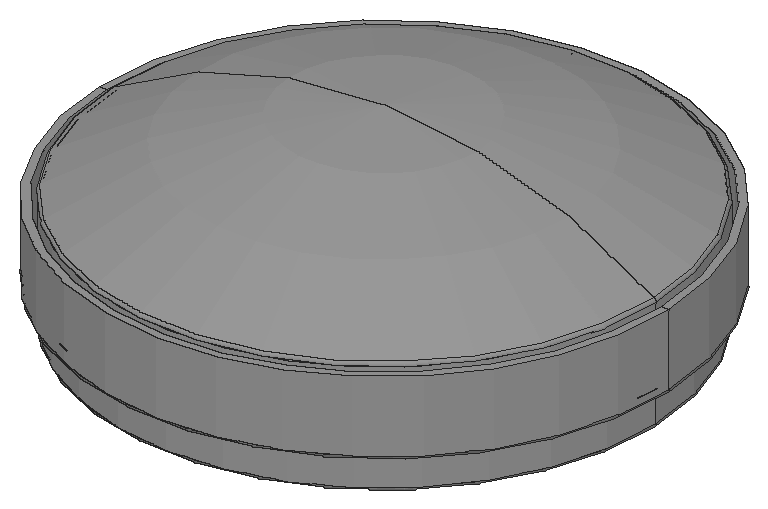
Revit family "3034776 Sylvania Lighting Fixture GIOTTO305 LED G2 4000K SURFACE MW", category Lighting Fixtures, host Face, Revit 2016
Family settings
  Host = Face
  Part Type = Normal
  Round Connector Dimension = Use Diameter
  OmniClass Number = 23.80.70.00
  OmniClass Title = Lighting
  Cut with Voids When Loaded = No
  Light Source = Yes
  Shared = No
  Room Calculation Point = No
Parameters (values of type "3034776 GIOTTO305 LED G2 4000K SURFACE MW")
  Weight = "1.11 kg"
  Wattage Comments = ""
  Wattage = 19 W
  WarrantyStartDate [instance] = "n/a"
  WarrantyGuarantorParts = "n/a"
  WarrantyDurationUnit = "n/a"
  WarrantyDurationParts = "n/a"
  WarrantyDescription = "n/a"
  built-in parameter 1150110 = 1 (stored number, unit not read)
  Voltage = 0 V
  URL = "http://www.sylvania-lighting.com"
  TypeName = "GIOTTO305 LED G2 4000K SURFACE MW"
  Type Image = <None>
  Type Comments = "n/a"
  built-in parameter 1114217 = 1 (stored number, unit not read)
  Tilt Angle = -90.00°
  built-in parameter 1150109 = 1 (stored number, unit not read)
  built-in parameter 1150134 = 12
  built-in parameter 1150113 = 1 (stored number, unit not read)
  SerialNumber [instance] = "n/a"
  Photometric Web File = "3034776.ies"
  Material_3_SYL = LED-Sylvania
  PowerFactor = 0
  PowerConsumption = "19 W"
  NominalLength = 305 mm
  NominalHeight = 104 mm
  NominalDepth = 305 mm
  Name = "GIOTTO305 LED G2 4000K SURFACE MW"
  ModelReference = Name  # "GIOTTO305 LED G2 4000K SURFACE MW"
  ModelNumber = "3034776"
  Model = Name  # "GIOTTO305 LED G2 4000K SURFACE MW"
  Material = "polycarbonate housing, polycarbonate diffuser"
  ManufacturerName = "Feilo Sylvania"
  Manufacturer = "Feilo Sylvania"
  LuminousEfficacy = "89 lm/W"
  built-in parameter 1150105 = 134.57 (stored number, unit not read)
  Lumens = 1691 lm
  LuminaireType = ""
  built-in parameter 1150115 = 1 (stored number, unit not read)
  LightOutputRatio = "n/a"
  built-in parameter 1150137 = (empty or 0)
  built-in parameter 1150139 = (empty or 0)
  LampsType = Lamp  # "LED"
  LampNominalLuminous = "1690 lm"
  LampMacAdamStep = "n/a"
  LampColourTemperature = "4000 K"
  LampColourRenderingIndex = "80"
  built-in parameter 1150112 = 1 (stored number, unit not read)
  built-in parameter 1150114 = 1 (stored number, unit not read)
  Lamp = "LED"
  Keynote = "16500"
  InstallationDate [instance] = "n/a"
  InputVoltage = "n/a"
  InputNominalFrequency = "n/a"
  built-in parameter 1150132 = (empty or 0)
  built-in parameter 1150102 = (empty or 0)
  built-in parameter 1150107 = 4000 (stored number, unit not read)
  built-in parameter 1150138 = (empty or 0)
  IngressProtection = "IP44"
  ImpactProtectionIndex = "IK10"
  built-in parameter 1150106 = 1.3457 (stored number, unit not read)
  IfcExportType = "IfcLightFixtureType"
  IfcExportAs = "IfcLightFixtureType"
  Height_SYL = 104 mm
  ExpectedLife = 50000
  Emit from Circle Diameter = 317 mm
  Emit Shape Visible in Rendering = no
  ElectricShockClassification = "Class I"
  built-in parameter 1150104 = 8.2684 (stored number, unit not read)
  DurationUnit = "hours"
  DocumentationLiterature = "http://www.sylvania-lighting.com/product/en-int/products/3034776"
  DimmingControlOptions = "n/a"
  Material_2_SYL = Polycarbonate_Sylvania_Giotto_Opal
  Dimming Lamp Color Temperature Shift = <None>
  DiffuserRadius_SYL = 282.611 mm
  Diameter_SYL = 305 mm
  Description = "Ambient and decorative round, surface mounted LED bulkhead luminaire. White robust polycarbonate body with opal diffuser, 1690 lm, 19W, 89lm/W, 4000K, CRI 80, non-dimmable, integral microwave sensor. 50,000 hours lumen maintenance. Drive current: 700mA, IP44, IK10, Class I, 220-240V, Energy class: A++, A+, A."
  Default Elevation = 1219.2 mm
  CreatedOn = "11/7/2018"
  CreatedBy = "@sylvania-lighting.com"
  Cost = 0
  Color Filter = 16777215
  built-in parameter 1114216 [instance] = (empty or 0)
  ClassificationValue = "EF_70_80"
  ClassificationName = "Uniclass2015"
  Material_1_SYL = Polycarbonate_Sylvania_Giotto_White
  BarCode [instance] = "n/a"
  built-in parameter 1114218 = 1 (stored number, unit not read)
  built-in parameter 1150133 = 10 (stored number, unit not read)
  AssetType = "Fixed"
  AssetIdentifier [instance] = "n/a"
  Assembly Code = "D5020200"
  Apparent Load = 19 VA
  Material_4_SYL = none
Reference planes
  plane 1 "Center (Front/Back)": y = 0
  plane 2: z = 0
  plane 3 "Center (Left/Right)": x = 0
  plane 4: x = 152.5
  plane 5: x = -152.5
  plane 6: x = -145.5
  plane 7: x = -148.5
  plane 8: z = 104
  plane 9: z = 59
  plane 10: z = 19
  plane 11: z = 24
  plane 12: x = -150.9
  plane 13: z = 20.6
  plane 14: z = 1.6
  plane 15: x = -143.9
  plane 16: z = 18
  plane 17: x = -146.5
  plane 18: z = 25
  plane 19: z = 61
Forms (mm)
  Revolve 1, solid, material "Polycarbonate_Sylvania_Giotto_White" <- "Material_1_SYL"
    sketch origin (0, 0, 0) x (1, 0, 0) y (0, 0, 1)
      loop
        line (0, 0) -> (0, 25) -> (-143.9, 25) -> (-143.9, 24) -> (-148.5, 24) -> (-148.5, 59) -> (-152.5, 59) -> (-152.5, 20.6)
        arc (-152.5, 20.6) -> (-152.031, 19.469) -> (-150.9, 19) r 1.6
        line (-150.9, 19) -> (-146.5, 19)
        arc (-146.5, 19) -> (-145.793, 18.707) -> (-145.5, 18) r 1
        line (-145.5, 18) -> (-145.5, 1.6)
        arc (-145.5, 1.6) -> (-145.031, 0.469) -> (-143.9, 0) r 1.6
        line (-143.9, 0) -> (0, 0)
      axis (0, 59) -> (0, 0)
    angle from 360 to 0
  Revolve 2, solid, material "Polycarbonate_Sylvania_Giotto_Opal" <- "Material_2_SYL"
    sketch origin (0, 0, 0) x (1, 0, 0) y (0, 0, 1)
      loop
        line (-145.5, 24) -> (-143.9, 24) -> (-143.9, 59.636)
        arc (-143.9, 59.636) -> (-143.79, 60.068) -> (-143.485, 60.394) r 0.9
        arc (-143.485, 60.394) -> (-74.754, 91.683) -> (0, 102.4) r 266.066
        line (0, 102.4) -> (0, 104)
        arc (0, 104) -> (-75.203, 93.218) -> (-144.348, 61.742) r 267.666
        arc (-144.348, 61.742) -> (-145.193, 60.836) -> (-145.5, 59.636) r 2.5
        line (-145.5, 59.636) -> (-145.5, 24)
      axis (0, 104) -> (0, 24)
    angle from 360 to 0
Dimensions and locks
  equal spacing: plane 4, plane 3 "Center (Left/Right)", plane 5
  "Diameter_SYL": plane 4 to plane 5
  locked: plane 6 to plane 5 at 7
  locked: plane 7 to plane 5 at 4
  "Height_SYL": plane 8 to plane 2
  locked: plane 8 to plane 9 at 45
  locked: plane 9 to plane 10 at 40
  Revolve 1 sketch curve to Revolve 1 sketch curve = 4.4 mm
  locked: plane 11 to plane 10 at 5
  locked: plane 12 to plane 5 at 1.6
  locked: plane 13 to plane 10 at 1.6
  locked: plane 14 to plane 2 at 1.6
  locked: plane 15 to plane 6 at 1.6
  locked: plane 6 to plane 17 at 1
  locked: plane 10 to plane 16 at 1
  locked: plane 18 to plane 11 at 1
  locked: plane 19 to plane 9 at 2
  aligned and locked: plane 2 to host face
  aligned and locked: level to host face
  aligned and locked: Revolve 1 sketch curve to plane 3 "Center (Left/Right)"
  aligned and locked: level to Revolve 1 sketch curve
  aligned and locked: Revolve 1 sketch curve to plane 10
  aligned and locked: plane 9 to Revolve 1 sketch curve
  aligned and locked: Revolve 1 sketch curve to plane 7
  aligned and locked: plane 12 to Revolve 1 sketch curve  (x2)
  aligned and locked: plane 13 to Revolve 1 sketch curve  (x2)
  aligned and locked: plane 15 to Revolve 1 sketch curve  (x3)
  aligned and locked: plane 14 to Revolve 1 sketch curve  (x2)
  aligned and locked: plane 3 "Center (Left/Right)" to imposter light
  aligned and locked: imposter light to plane 1 "Center (Front/Back)"
  aligned and locked: plane 18 to Revolve 1 sketch curve
  aligned and locked: plane 11 to Revolve 1 sketch curve
  aligned and locked: imposter light to plane 8
  aligned and locked: plane 6 to Revolve 1 sketch curve
  aligned and locked: plane 17 to Revolve 1 sketch curve
  aligned and locked: plane 16 to Revolve 1 sketch curve
  aligned and locked: Revolve 2 sketch curve to plane 3 "Center (Left/Right)"
  aligned and locked: plane 6 to Revolve 2 sketch curve
  aligned and locked: plane 3 "Center (Left/Right)" to Revolve 2 sketch curve
  aligned and locked: plane 11 to Revolve 2 sketch curve
  aligned and locked: Revolve 2 sketch curve to imposter light
Automatic sketch dimensions
  host sketch curve to host sketch curve = 2438.4 mm  (x2)
  Revolve 1 sketch curve to plane 3 "Center (Left/Right)" = 0 mm
  Revolve 1 sketch curve to level = 609.6 mm
  Revolve 1 sketch curve to plane 8 = 2499.058 mm
  Revolve 2 sketch curve to Revolve 2 sketch curve = 0 mm  (x4)
  Revolve 2 sketch curve to plane 15 = 0 mm
  Revolve 2 sketch curve to plane 8 = 0 mm
  plane 15 to Revolve 2 sketch curve = 0.9 mm
  Revolve 2 sketch curve to level = 163.666 mm
  Revolve 2 sketch curve to plane 9 = 0.636 mm
  Revolve 2 sketch curve to Revolve 2 sketch curve = 445.934 mm
  Revolve 2 sketch curve to plane 8 = 2505.058 mm
Connectors
  electrical at (0, 0, 0), driven by "Apparent Load", driven by "PowerFactor", driven by "Voltage"
    settings: index 1, voltage 0 V, apparent load 19 VA, apparent load phase1 0 VA, apparent load phase2 0 VA, apparent load phase3 0 VA, power factor 0, load classification "Lighting", number of poles 1, system type 30, power factor state 1, is connector primary yes, connector utility no, sub classification motor no, connector description ""
